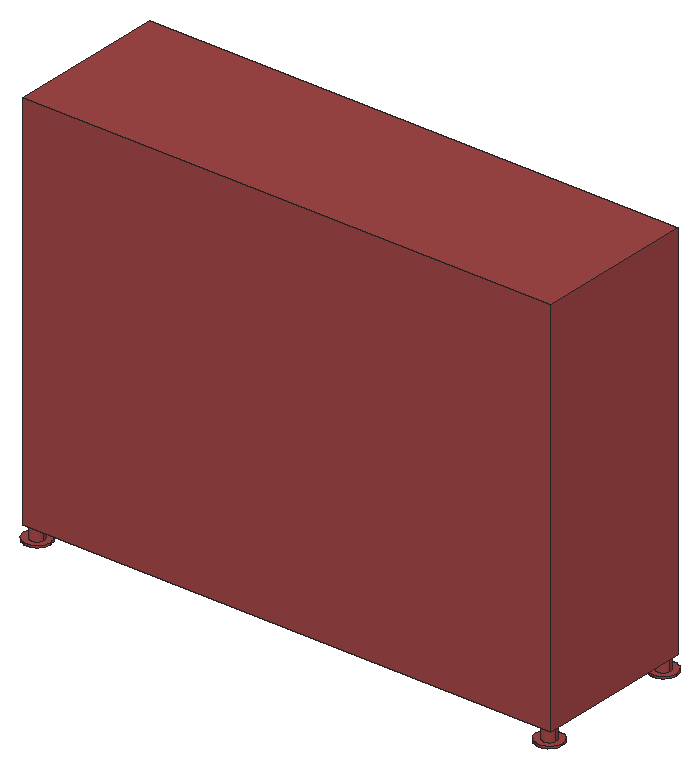
Revit family "FireFighting_Firemain-Booster-Hydrant-Suction-Riser-Set_Galvin_100TE", category Mechanical Equipment, Revit 2011
Parameters (values of type "380121")
  URL = "www.galvinengineering.com.au"
  Type Comments = "380121"
  StyleOrType_ANZRS = "Fire Fighting Equipment"
  ModifiedIssue_ANZRS = 20140330.01  # constant formula
  Model = "380121"
  Manufacturer = "Galvin Engineering"
  Keynote = "10520"
  Instructions = "http://www.galvinengineering.com.au/Installation_Guides_1.aspx"
  FlowRate = 0.00 L/s
  FilterObject_ANZRS = "380121"
  DimWidth = 2000.0 mm
  DimInletRadius = 50.0 mm
  DimHeight = 1500.0 mm  # constant formula
  DimDepth = 600.0 mm  # constant formula
  Description = "WA/NT Firemain Booster & Hydrant Set 100TE [No Suction Riser] with Cabinet (Painted)"
  CreatedBy_ANZRS = "Galvin Engineering"
  CreatedByURL_ANZRS = "www.galvinengineering.com.au"
  CreatedByPhoneNo_ANZRS = "61-8-92495900"
  Assembly Code = "D4030"
Types (3, lengths in mm): name | Type Comments | Model | FilterObject_ANZRS | DimWidth | Description
  (no name) | "380121" | "380121" | "380121" | 2000.0 | "WA/NT Firemain Booster & Hydrant Set 100TE [No Suction Riser] with Cabinet (Painted)"
  380121 | "380121" | "380121" | "380121" | 2000.0 | "WA/NT Firemain Booster & Hydrant Set 100TE [No Suction Riser] with Cabinet (Painted)"
  380121SR | "380121SR" | "380121SR" | "380121SR" | 2400.0 | "WA/NT Firemain Booster, Hydrant & Suction Riser Set 100TE with Cabinet (Painted)"
Reference planes
  plane 1 "Center (Front/Back)": y = 0
  plane 2 "Bottom": z = 0
  plane 3 "Center (Left/Right)": x = 0
  plane 4 "Back": y = 300
  plane 5 "Front": y = -300
  plane 6 "Left": x = -1000
  plane 7 "Right": x = 1000
  plane 8: z = 1500
  plane 9 "Inlet1": x = -549.5
  plane 10 "Inlet2": x = 425.5
  plane 11 "InletOutlet": y = -50
  plane 12 "SuctionRiser": x = 930.5
Forms (mm)
  Extrusion 1, solid, material "Metal_Fire-Fighting_Zincalume-Steel-Powder-Coated_15400"
    sketch origin (0, 0, 0) x (1, 0, 0) y (0, 0, 1)
      loop
        line (-1000, 1500) -> (-1000, 50) -> (1000, 50) -> (1000, 1500) -> (-1000, 1500)
      loop
        line (-975, 75) -> (975, 75) -> (975, 1475) -> (-975, 1475) -> (-975, 75)
    from -300 to 300
  Extrusion 2, solid, material "Metal_Fire-Fighting_Zincalume-Steel-Powder-Coated_15400"
    sketch origin (0, -300, 0) x (1, 0, 0) y (0, 0, -1)
      loop
        line (-1000, -1500) -> (1000, -1500) -> (1000, -50) -> (-1000, -50) -> (-1000, -1500)
    from 0 to 25
  Extrusion 3, solid, material "Metal_Fire-Fighting_Zincalume-Steel-Powder-Coated_15400"
    sketch origin (0, 300, 0) x (1, 0, 0) y (0, 0, 1)
      loop
        line (-1000, 1500) -> (-1000, 50) -> (1000, 50) -> (1000, 1500) -> (-1000, 1500)
    from 0 to 25
  Extrusion 4, solid, material "Metal_Fire-Fighting_Zincalume-Steel-Powder-Coated_15400"
    sketch origin (0, 0, 0) x (1, 0, 0) y (0, 1, 0)
      loop
        circle (-970, 270) r 50
      loop
        circle (-970, -270) r 50
      loop
        circle (970, 270) r 50
      loop
        circle (970, -270) r 50
    from 0 to 6
  Extrusion 5, solid, material "Metal_Fire-Fighting_Zincalume-Steel-Powder-Coated_15400"
    sketch origin (0, 0, 0) x (1, 0, 0) y (0, 1, 0)
      loop
        circle (-970, 270) r 25
      loop
        circle (-970, -270) r 25
      loop
        circle (970, 270) r 25
      loop
        circle (970, -270) r 25
    from 6 to 50
  Extrusion 6, solid, material "Metal_Fire-Fighting_Brass_15400"
    sketch origin (0, 0, 0) x (1, 0, 0) y (0, 1, 0)
      loop
        circle (-549.5, -50) r 50
      loop
        circle (425.5, -50) r 50
    from 0 to 50
Cuts and joins
  joined: Extrusion 1, Extrusion 2, Extrusion 3
Lines and regions (mm)
  model lines
    curve 1: line (-975, -300, 1475) -> (-975, -300, 75)
    curve 2: line (975, -300, 1475) -> (-975, -300, 1475)
    curve 3: line (-975, -300, 75) -> (975, -300, 75)
    curve 4: line (975, -300, 75) -> (975, -300, 1475)
    curve 5: line (0, -300, 1475) -> (0, -300, 75)
Dimensions and locks
  "DimHeight": plane 8 to plane 2 "Bottom"
  "DimWidth": plane 6 "Left" to plane 7 "Right"
  "DimDepth": plane 5 "Front" to plane 4 "Back"
  locked: plane 10 "Inlet2" to plane 9 "Inlet1" at 975
  locked: plane 9 "Inlet1" to plane 6 "Left" at 450.5
  plane 11 "InletOutlet" to plane 5 "Front" = 250.0 mm
  equal spacing: plane 6 "Left", plane 3 "Center (Left/Right)", plane 7 "Right"
  locked: plane 12 "SuctionRiser" to plane 10 "Inlet2" at 505
  aligned and locked: plane 2 "Bottom" to level
  aligned and locked: Extrusion 1 sketch curve to plane 6 "Left"
  aligned and locked: Extrusion 1 sketch curve to plane 8
  aligned and locked: plane 7 "Right" to Extrusion 1 sketch curve
  aligned and locked: Extrusion 1 to plane 4 "Back"
  aligned and locked: Extrusion 1 to plane 5 "Front"
  aligned and locked: Extrusion 2 sketch curve to plane 6 "Left"
  aligned and locked: Extrusion 2 sketch curve to plane 8
  aligned and locked: plane 7 "Right" to Extrusion 2 sketch curve
  aligned and locked: Extrusion 3 sketch curve to plane 6 "Left"
  aligned and locked: Extrusion 3 sketch curve to plane 8
  aligned and locked: plane 7 "Right" to Extrusion 3 sketch curve
  aligned and locked: plane 10 "Inlet2" to Extrusion 6 sketch curve
  aligned and locked: plane 11 "InletOutlet" to Extrusion 6 sketch curve  (x2)
  aligned and locked: plane 9 "Inlet1" to Extrusion 6 sketch curve
Automatic sketch dimensions
  plane 6 "Left" to Extrusion 1 sketch curve = 25.0 mm
  plane 7 "Right" to Extrusion 1 sketch curve = 25.0 mm
  Extrusion 1 sketch curve to Extrusion 1 sketch curve = 25.0 mm
  plane 8 to Extrusion 1 sketch curve = 25.0 mm
  Extrusion 2 sketch curve to level = 50.0 mm
  level to Extrusion 3 sketch curve = 50.0 mm
  curve 5 to plane 3 "Center (Left/Right)" = 0.0 mm
  curve 1 to plane 6 "Left" = 25.0 mm
  curve 4 to plane 7 "Right" = 25.0 mm
  curve 3 to level = 75.0 mm
  curve 2 to plane 8 = 25.0 mm
  plane 6 "Left" to Extrusion 4 sketch curve = 30.0 mm  (x2)
  plane 7 "Right" to Extrusion 4 sketch curve = 30.0 mm  (x2)
  plane 5 "Front" to Extrusion 4 sketch curve = 30.0 mm  (x2)
  plane 4 "Back" to Extrusion 4 sketch curve = 30.0 mm  (x2)
  plane 6 "Left" to Extrusion 5 sketch curve = 30.0 mm  (x2)
  plane 7 "Right" to Extrusion 5 sketch curve = 30.0 mm  (x2)
  plane 5 "Front" to Extrusion 5 sketch curve = 30.0 mm  (x2)
  plane 4 "Back" to Extrusion 5 sketch curve = 30.0 mm  (x2)
  level to Extrusion 1 sketch curve = 75.0 mm
  radius of Extrusion 4 sketch curve = 50.0 mm  (x4)
  radius of Extrusion 5 sketch curve = 25.0 mm  (x4)
  radius of Extrusion 6 sketch curve = 50.0 mm  (x2)
Connectors
  piping at (-549.5, -50, 0), driven by "DimInletRadius", driven by "FlowRate"
    settings: on Extrusion 6, index 1, connector radius 50 mm, flow factor 0, pipe flow 0.00 L/s, pressure drop 0.0 Pa, fitting loss kfactor 0, connector angle 0.00°, fixture units 0, engagement length 0.0 mm, flow configuration 2, flow direction 1, fitting loss method 4, system type 23, joint type 0, gender type 0, connector reference index -1, connector utility 0, adjustable connector no, is connector primary yes, fitting loss table "", connector description "Inlet"
  piping at (425.5, -50, 0), driven by "DimInletRadius", driven by "FlowRate"
    settings: on Extrusion 6, index 2, connector radius 50 mm, flow factor 0, pipe flow 0.00 L/s, pressure drop 0.0 Pa, fitting loss kfactor 0, connector angle 0.00°, fixture units 0, engagement length 0.0 mm, flow configuration 2, flow direction 2, fitting loss method 4, system type 23, joint type 0, gender type 0, connector reference index -1, connector utility 0, adjustable connector no, is connector primary no, fitting loss table "", connector description "Inlet"
